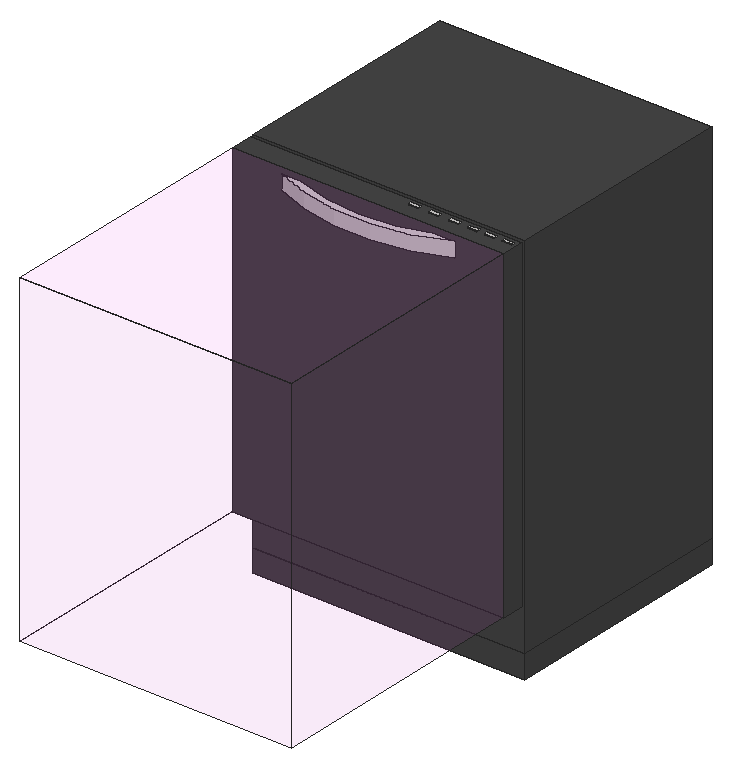
Revit family "QF_Summit_DW243BADA_Built_In Dishwasher_ADA Compliant", category Specialty Equipment, Revit 2020
Family settings
  Round Connector Dimension = Use Diameter
  Part Type = Normal
  Work Plane-Based = No
  Always vertical = Yes
  Cut with Voids When Loaded = No
  Shared = No
  Room Calculation Point = No
Parameters
  Weight in Pounds = 95
  Watts = if(Phase = 3, Volts * FL Amps * 1.73, Volts * FL Amps)  # 1380 W
  Waste Water Discharge Temperature = -459.67 °F
  Volts = 115 V
  URL Cutsheet = ""
  Specification by User = ""
  Specification by Manufacturer = ""
  Show Legs [instance] = yes
  Show Door Clearance [instance] = yes
  Show Default Legs [instance] = not(Show Legs)  # no
  Serial Number = ""
  Seismic Rating = ""
  SMACNA No = ""
  Revision Code = ""
  Plumbing Remarks = ""
  Plumbing Connection Type = ""
  Phase = 1
  Number of Poles = 1
  NAFEM Spec ID Number = ""
  Model = "DW243BADA"
  Min Ckt Ampacity = 0 A
  Max Overcurrent Protection = 0 A
  Masterspec = ""
  Manufacturer = "Summit"
  Length = 23 1/2"
  Item Number = ""
  Installed By = ""
  Indirect Waste Size = 1/2"
  Indirect Waste Flow = 0 GPM
  Indirect Waste Connection Type = ""
  Indirect Waste Connection Height = 0"
  Identify Quantity as Lot = yes
  Height [instance] = if(Show Default Legs, 32 1/4", 34")  # 34"
  HP = ""
  Furnished By = ""
  Foodservice Equipment Identifier = yes
  FL Amps = 12 A
  Electrical Remarks = ""
  Electric Connection Type = ""
  Elec Conn RI Height = 0"
  Elec Conn Connection Height = 0"
  Description = "Built-In Dishwasher ADA Compliant"
  Depth = 24 1/4"
  Default Elevation = 0"
  Cycle = 60 Hz
  Conn Plug = ""
  Conn Conduit = yes
  Cold Water Temperature Recommended = -459.67 °F
  Cold Water Size = 1/2"
  Cold Water RI Height = 0"
  Cold Water Minimum Pressure = 0.00 psi
  Cold Water Maximum Pressure = 0.00 psi
  Cold Water Flow = 0 GPM
  Cold Water Consumption = ""
  Cold Water Connection Height = 0"
  CSI MasterFormat = ""
  Apparent Power = if(Phase = 3, Volts * FL Amps * 1.73, Volts * FL Amps)  # 1380 VA
Reference planes (in)
  plane 1 "BACK": y = 0
  plane 2: z = 0
  plane 3 "LEFT": x = 0
  plane 4 "RIGHT": x = 23.5
  plane 5 "FRONT": y = -24.25
  plane 6 "TOP": z = 34
  plane 7 "Center Y": x = 11.75
  plane 8 "Center X": y = -12.125
  plane 9: y = -22.5
  plane 10: y = -20.25
  plane 11: y = -45.5
  plane 12: z = 1.75
  plane 13: z = 2
  plane 14: z = 5.75
  plane 15: z = 5.5
Forms (in)
  Revolve 1, solid, material "QF_Metal_Stainless_Polished", visible <- "Show Default Legs"
    sketch origin (0, -2, 0) x (1, 0, 0) y (0, 0, 1)
      loop
        line (1.73437, 1.75) -> (1.73437, 2) -> (1.1733, 2) -> (1.1733, 1.875) -> (1, 1.875) -> (1, 1.75) -> (1.73437, 1.75)
      axis (1.73437, 2) -> (1.73437, 1.75)
    angle from 0 to 360
  Revolve 2, solid, material "QF_Metal_Stainless_Polished", visible <- "Show Default Legs"
    sketch origin (0, -18.25, 0) x (1, 0, 0) y (0, 0, 1)
      loop
        line (1.73437, 1.75) -> (1.73437, 2) -> (1.1733, 2) -> (1.1733, 1.875) -> (1, 1.875) -> (1, 1.75) -> (1.73437, 1.75)
      axis (1.73437, 2) -> (1.73437, 1.75)
    angle from 0 to 360
  Revolve 3, solid, material "QF_Metal_Stainless_Polished", visible <- "Show Default Legs"
    sketch origin (17.5, -2, 0) x (-1, 0, 0) y (0, 0, -1)
      loop
        line (-4.26563, -1.75) -> (-5, -1.75) -> (-5, -1.875) -> (-4.8267, -1.875) -> (-4.8267, -2) -> (-4.26563, -2) -> (-4.26563, -1.75)
      axis (-4.26563, -2) -> (-4.26563, -1.75)
    angle from 0 to 360
  Revolve 4, solid, material "QF_Metal_Stainless_Polished", visible <- "Show Default Legs"
    sketch origin (17.5, -18.25, 0) x (-1, 0, 0) y (0, 0, -1)
      loop
        line (-4.26563, -1.75) -> (-5, -1.75) -> (-5, -1.875) -> (-4.8267, -1.875) -> (-4.8267, -2) -> (-4.26563, -2) -> (-4.26563, -1.75)
      axis (-4.26563, -2) -> (-4.26563, -1.75)
    angle from 0 to 360
  Revolve 5, solid, material "QF_Metal_Stainless_Polished", visible <- "Show Legs"
    sketch origin (0, -2, 0) x (1, 0, 0) y (0, 0, 1)
      loop
        line (1, 0) -> (1.73437, 0) -> (1.73437, 2) -> (1.1733, 2) -> (1.1733, 0.125) -> (1, 0.125) -> (1, 0)
      axis (1.73437, 2) -> (1.73437, 0)
    angle from 0 to 360
  Revolve 6, solid, material "QF_Metal_Stainless_Polished", visible <- "Show Legs"
    sketch origin (0, -18.25, 0) x (1, 0, 0) y (0, 0, 1)
      loop
        line (1, 0) -> (1.73437, 0) -> (1.73437, 2) -> (1.1733, 2) -> (1.1733, 0.125) -> (1, 0.125) -> (1, 0)
      axis (1.73437, 2) -> (1.73437, 0)
    angle from 0 to 360
  Extrusion 7, solid, material "QF_Metallic_Paint_Black_Glossy", visible <- "Show Legs"
    sketch origin (0, 0, 0) x (1, 0, 0) y (0, 1, 0)
      loop
        line (0, 0) -> (0, -20.25) -> (23.5, -20.25) -> (23.5, 0) -> (0, 0)
      loop
        line (0.0625, -20.1875) -> (23.4375, -20.1875) -> (23.4375, -0.0625) -> (0.0625, -0.0625) -> (0.0625, -20.1875)
    from 0 to 2
  Revolve 8, solid, material "QF_Metal_Stainless_Polished", visible <- "Show Default Legs"
    sketch origin (10.01563, -2, 0) x (1, 0, 0) y (0, 0, 1)
      loop
        line (1.73437, 1.75) -> (1.73437, 2) -> (1.1733, 2) -> (1.1733, 1.875) -> (1, 1.875) -> (1, 1.75) -> (1.73437, 1.75)
      axis (1.73437, 2) -> (1.73437, 1.75)
    angle from 0 to 360
  Revolve 9, solid, material "QF_Metal_Stainless_Polished", visible <- "Show Default Legs"
    sketch origin (10.01563, -18.25, 0) x (1, 0, 0) y (0, 0, 1)
      loop
        line (1.73437, 1.75) -> (1.73437, 2) -> (1.1733, 2) -> (1.1733, 1.875) -> (1, 1.875) -> (1, 1.75) -> (1.73437, 1.75)
      axis (1.73437, 2) -> (1.73437, 1.75)
    angle from 0 to 360
  Revolve 10, solid, material "QF_Metal_Stainless_Polished", visible <- "Show Legs"
    sketch origin (10.01563, -2, 0) x (1, 0, 0) y (0, 0, 1)
      loop
        line (1, 0) -> (1.73437, 0) -> (1.73437, 2) -> (1.1733, 2) -> (1.1733, 0.125) -> (1, 0.125) -> (1, 0)
      axis (1.73437, 2) -> (1.73437, 0)
    angle from 0 to 360
  Revolve 11, solid, material "QF_Metal_Stainless_Polished", visible <- "Show Legs"
    sketch origin (10.01563, -18.25, 0) x (1, 0, 0) y (0, 0, 1)
      loop
        line (1, 0) -> (1.73437, 0) -> (1.73437, 2) -> (1.1733, 2) -> (1.1733, 0.125) -> (1, 0.125) -> (1, 0)
      axis (1.73437, 2) -> (1.73437, 0)
    angle from 0 to 360
  Revolve 12, solid, material "QF_Metal_Stainless_Polished", visible <- "Show Legs"
    sketch origin (23.5, -2, 0) x (-1, 0, 0) y (0, 0, -1)
      loop
        line (1, 0) -> (1, -0.125) -> (1.1733, -0.125) -> (1.1733, -2) -> (1.73437, -2) -> (1.73437, 0) -> (1, 0)
      axis (1.73437, -2) -> (1.73437, 0)
    angle from 0 to 360
  Revolve 13, solid, material "QF_Metal_Stainless_Polished", visible <- "Show Legs"
    sketch origin (23.5, -18.25, 0) x (-1, 0, 0) y (0, 0, -1)
      loop
        line (1, 0) -> (1, -0.125) -> (1.1733, -0.125) -> (1.1733, -2) -> (1.73437, -2) -> (1.73437, 0) -> (1, 0)
      axis (1.73437, -2) -> (1.73437, 0)
    angle from 0 to 360
Dimensions and locks (in)
  equal spacing: plane 3 "LEFT", plane 7 "Center Y", plane 4 "RIGHT"
  "Length": plane 3 "LEFT" to plane 4 "RIGHT"
  equal spacing: plane 5 "FRONT", plane 8 "Center X", plane 1 "BACK"
  "Depth": plane 5 "FRONT" to plane 1 "BACK"
  "Height": plane 6 "TOP" to level
  plane 9 to plane 1 "BACK" = 22 1/2"
  plane 10 to plane 1 "BACK" = 20 1/4"
  plane 11 to plane 1 "BACK" = 45 1/2"
  plane 6 "TOP" to plane 12 = 32 1/4"
  plane 6 "TOP" to plane 14 = 28 1/4"
  plane 13 to plane 12 = 1/4"
  plane 15 to plane 13 = 3 1/2"
  plane 4 "RIGHT" to plane 3 "LEFT" = 23 1/2"
  locked: Revolve 5 sketch curve to Revolve 6 at 0.125
  locked: Revolve 13 sketch curve to Revolve 12 at 0.125
  locked: Revolve 12 sketch curve to Revolve 12 sketch curve at 0.125
  plane 5 "FRONT" to plane 9 = 1 3/4"
  aligned and locked: level to plane 2
  aligned and locked: plane 13 to nested 1
Automatic sketch dimensions
  Revolve 1 sketch curve to plane 12 = 0"  (x2)
  Revolve 1 sketch curve to plane 13 = 0"
  plane 12 to Revolve 1 sketch curve = 1/8"
  plane 3 "LEFT" to Revolve 1 sketch curve = 1"
  Revolve 1 sketch curve to Revolve 1 sketch curve = 0.1733"
  Revolve 1 sketch curve to Revolve 1 sketch curve = 0.56107"
  Revolve 1 sketch curve to Revolve 1 sketch curve = 0"
  Revolve 1 sketch curve to Revolve 1 sketch curve = 1/4"
  Revolve 2 sketch curve to plane 12 = 0"  (x2)
  Revolve 2 sketch curve to plane 13 = 0"
  plane 12 to Revolve 2 sketch curve = 1/8"
  plane 3 "LEFT" to Revolve 2 sketch curve = 1"
  Revolve 2 sketch curve to Revolve 2 sketch curve = 0.1733"
  Revolve 2 sketch curve to Revolve 2 sketch curve = 0.56107"
  Revolve 2 sketch curve to Revolve 2 sketch curve = 0"
  Revolve 2 sketch curve to Revolve 2 sketch curve = 1/4"
  Revolve 3 sketch curve to plane 12 = 0"  (x2)
  Revolve 3 sketch curve to plane 13 = 0"
  plane 12 to Revolve 3 sketch curve = 1/8"
  plane 4 "RIGHT" to Revolve 3 sketch curve = 1"
  Revolve 3 sketch curve to Revolve 3 sketch curve = 0.1733"
  Revolve 3 sketch curve to Revolve 3 sketch curve = 0.56107"
  Revolve 3 sketch curve to Revolve 3 sketch curve = 0"
  Revolve 3 sketch curve to Revolve 3 sketch curve = 1/4"
  Revolve 4 sketch curve to plane 12 = 0"  (x2)
  Revolve 4 sketch curve to plane 13 = 0"
  plane 12 to Revolve 4 sketch curve = 1/8"
  plane 4 "RIGHT" to Revolve 4 sketch curve = 1"
  Revolve 4 sketch curve to Revolve 4 sketch curve = 0.1733"
  Revolve 4 sketch curve to Revolve 4 sketch curve = 0.56107"
  Revolve 4 sketch curve to Revolve 4 sketch curve = 0"
  Revolve 4 sketch curve to Revolve 4 sketch curve = 1/4"
  Extrusion 7 sketch curve to plane 3 "LEFT" = 0"
  Extrusion 7 sketch curve to plane 4 "RIGHT" = 0"
  Extrusion 7 sketch curve to plane 10 = 0"
  plane 1 "BACK" to Extrusion 7 sketch curve = 0"
  plane 3 "LEFT" to Extrusion 7 sketch curve = 1/16"
  plane 4 "RIGHT" to Extrusion 7 sketch curve = 1/16"
  plane 10 to Extrusion 7 sketch curve = 1/16"
  plane 1 "BACK" to Extrusion 7 sketch curve = 1/16"
  Revolve 8 sketch curve to plane 12 = 0"  (x2)
  Revolve 8 sketch curve to plane 13 = 0"
  Revolve 8 sketch curve to plane 7 "Center Y" = 0"  (x2)
  Revolve 8 sketch curve to Revolve 8 sketch curve = 0.56107"
  Revolve 8 sketch curve to Revolve 8 sketch curve = 0.1733"
  plane 12 to Revolve 8 sketch curve = 1/8"
  Revolve 8 sketch curve to Revolve 8 sketch curve = 1/4"
  Revolve 9 sketch curve to plane 12 = 0"  (x2)
  Revolve 9 sketch curve to plane 13 = 0"
  Revolve 9 sketch curve to plane 7 "Center Y" = 0"  (x2)
  Revolve 9 sketch curve to plane 7 "Center Y" = 0.56107"
  Revolve 9 sketch curve to Revolve 9 sketch curve = 0.1733"
  plane 12 to Revolve 9 sketch curve = 1/8"
  Revolve 9 sketch curve to Revolve 9 sketch curve = 1/4"
  Revolve 6 sketch curve to level = 0"  (x2)
  plane 3 "LEFT" to Revolve 6 sketch curve = 1"
  Revolve 6 sketch curve to Revolve 6 sketch curve = 47/64"
  Revolve 6 sketch curve to Revolve 6 sketch curve = 0.1733"
  Revolve 6 sketch curve to Revolve 6 sketch curve = 0"
  Revolve 6 sketch curve to Revolve 6 sketch curve = 1"
  level to Revolve 6 sketch curve = 1/8"
  Revolve 6 sketch curve to plane 13 = 0"
  Revolve 5 sketch curve to level = 0"  (x2)
  plane 3 "LEFT" to Revolve 5 sketch curve = 1"
  Revolve 5 sketch curve to Revolve 5 sketch curve = 47/64"
  Revolve 5 sketch curve to Revolve 5 sketch curve = 0"
  Revolve 5 sketch curve to Revolve 5 sketch curve = 1"
  Revolve 5 sketch curve to plane 13 = 0"
  Revolve 5 sketch curve to Revolve 5 sketch curve = 0.1733"
  Revolve 11 sketch curve to level = 0"  (x2)
  Revolve 11 sketch curve to plane 13 = 0"
  Revolve 11 sketch curve to plane 7 "Center Y" = 0"  (x2)
  Revolve 11 sketch curve to plane 7 "Center Y" = 0.56107"
  Revolve 11 sketch curve to Revolve 11 sketch curve = 1"
  level to Revolve 11 sketch curve = 1/8"
  Revolve 11 sketch curve to Revolve 11 sketch curve = 0.1733"
  Revolve 10 sketch curve to level = 0"  (x2)
  Revolve 10 sketch curve to plane 13 = 0"
  Revolve 10 sketch curve to plane 7 "Center Y" = 0"  (x2)
  Revolve 10 sketch curve to Revolve 10 sketch curve = 0.56107"
  Revolve 10 sketch curve to Revolve 10 sketch curve = 0.1733"
  Revolve 10 sketch curve to Revolve 10 sketch curve = 1"
  level to Revolve 10 sketch curve = 1/8"
  Revolve 13 sketch curve to level = 0"  (x2)
  Revolve 13 sketch curve to plane 13 = 0"
  plane 4 "RIGHT" to Revolve 13 sketch curve = 1"
  Revolve 13 sketch curve to Revolve 13 sketch curve = 47/64"
  Revolve 13 sketch curve to Revolve 13 sketch curve = 0.1733"
  Revolve 13 sketch curve to Revolve 13 sketch curve = 0"
  Revolve 13 sketch curve to level = 1"
  Revolve 12 sketch curve to level = 0"  (x2)
  Revolve 12 sketch curve to plane 13 = 0"
  plane 4 "RIGHT" to Revolve 12 sketch curve = 1"
  Revolve 12 sketch curve to Revolve 12 sketch curve = 47/64"
  Revolve 12 sketch curve to Revolve 12 sketch curve = 0.1733"
  Revolve 12 sketch curve to Revolve 12 sketch curve = 0"
  Revolve 12 sketch curve to level = 1"
Nested families (in)
  nested 1: "DW242WADA" at (0, 0, 0), Show Door Clearance <- "Show Door Clearance", type "DW242WADA"
    with Show Door Clearance yes, Height 34"
Connectors (in)
  piping at (7.03371, 0.25, 3.67651), diameter 0.5, driven by "Cold Water Size"
    settings: on nested 1, index 1, connector inside diameter 24", connector length 0", flow factor 0, pipe flow 0 GPM, pressure drop 0.00 psi, fitting loss kfactor 0, connector angle 0.00°, fixture units 0, engagement length 0", angle of deflection 0.00°, flow configuration 1, flow direction 1, fitting loss method 0, system type 20, joint type 0, gender type 0, connector reference index -1, connector utility 0, adjustable connector no, is connector primary yes, connector description "Water Connection"
  piping at (9.03371, 0.25, 3.67651), diameter 0.5, driven by "Indirect Waste Size"
    settings: on nested 1, index 2, connector inside diameter 24", connector length 0", flow factor 0, pipe flow 0 GPM, pressure drop 0.00 psi, fitting loss kfactor 0, connector angle 0.00°, fixture units 0, engagement length 0", angle of deflection 0.00°, flow configuration 1, flow direction 1, fitting loss method 0, system type 16, joint type 0, gender type 0, connector reference index -1, connector utility 0, adjustable connector no, is connector primary no, connector description "Drain Connection"
  electrical at (11.06496, 0.25, 3.67651), driven by "Volts", driven by "Watts"
    settings: on nested 1, index 3, voltage 115 V, apparent load 1380 VA, apparent load phase1 0 VA, apparent load phase2 0 VA, apparent load phase3 0 VA, power factor 1, load classification "Other", number of poles 1, system type 30, power factor state 1, is connector primary yes, connector utility no, sub classification motor no, connector description "Electrical Connection"
Definition of nested family "DW242WADA"
  Parameters (values of type "DW242WADA")
    Weight in Pounds = 0
    Watts = if(Phase = 3, Volts * FL Amps * 1.73, Volts * FL Amps)  # 0 W
    Volts = 0 V
    URL Cutsheet = ""
    Specification by User = ""
    Specification by Manufacturer = ""
    Show Door Clearance [instance] = yes
    Serial Number = ""
    Seismic Rating = ""
    SMACNA No = ""
    Revision Code = ""
    Phase = 0
    Number of Poles = 1
    NAFEM Spec ID Number = ""
    Min Ckt Ampacity = 0 A
    Max Overcurrent Protection = 0 A
    Masterspec = ""
    Length = 23 1/2"
    Item Number = ""
    Installed By = ""
    Identify Quantity as Lot = yes
    Height [instance] = 34"
    HP = ""
    Furnished By = ""
    Foodservice Equipment Identifier = yes
    FL Amps = 0 A
    Electrical Remarks = ""
    Electric Connection Type = ""
    Elec Conn RI Height = 0"
    Elec Conn Connection Height = 0"
    Depth = 24 1/4"
    Default Elevation = 0"
    Cycle = 0 Hz
    Conn Plug = ""
    Conn Conduit = yes
    CSI MasterFormat = ""
    Apparent Power = if(Phase = 3, Volts * FL Amps * 1.73, Volts * FL Amps)  # 0 VA
  Reference planes (in)
    plane 1 "BACK": y = 0
    plane 2: z = 0
    plane 3 "LEFT": x = 0
    plane 4 "RIGHT": x = 23.5
    plane 5 "FRONT": y = -24.25
    plane 6 "TOP": z = 34
    plane 7 "Center Y": x = 11.75
    plane 8 "Center X": y = -12.125
    plane 9: y = -22.5
    plane 10: y = -20.25
    plane 11: y = -45.5
    plane 12: z = 1.75
    plane 13: z = 2
    plane 14: z = 5.75
    plane 15: z = 5.5
  Forms (in)
    Extrusion 1, solid
      sketch origin (-8.01619, -180, 2.125) x (-1, 0, 0) y (0, -1, 0)
        loop
          line (-8.01619, -180) -> (-8.01619, -159.75) -> (-31.51619, -159.75) -> (-31.51619, -180) -> (-8.01619, -180)
      from -0.125 to 31.875
    Extrusion 2, solid
      sketch origin (-9.94716, -22.5, 48) x (-1, 0, 0) y (0, 0, 1)
        loop
          line (-9.94716, -14) -> (-33.44716, -14) -> (-33.44716, -42.25) -> (-9.94716, -42.25) -> (-9.94716, -14)
      from 0 to 2
    Extrusion 3, solid
      sketch origin (-9.94716, -20.5, 48) x (-1, 0, 0) y (0, 0, 1)
        loop
          line (-10.44716, -14.5) -> (-32.94716, -14.5) -> (-32.94716, -41.75) -> (-10.44716, -41.75) -> (-10.44716, -14.5)
      from 0 to 0.25
    Extrusion 4, solid
      sketch origin (3.0625, 0, 0.0625) x (1, 0, 0) y (0, 0, 1)
        loop
          circle (3.97121, 3.61401) r 0.5
      from 0 to -0.25
    Extrusion 5, solid
      sketch origin (5.0625, 0, 0.0625) x (1, 0, 0) y (0, 0, 1)
        loop
          circle (3.97121, 3.61401) r 0.5
      from 0 to -0.25
    Extrusion 6, solid
      sketch origin (7.0625, 0, 0.0625) x (1, 0, 0) y (0, 0, 1)
        loop
          circle (4.00246, 3.61401) r 0.34934
      from 0 to -0.25
    Extrusion 7, solid
      sketch origin (-35.39759, -180, 34) x (-1, 0, 0) y (0, -1, 0)
        loop
          arc (-39.64759, -157.5) -> (-47.14759, -155.75) -> (-54.64759, -157.5) r 16.94643
          line (-54.64759, -157.5) -> (-53.05926, -157.5)
          arc (-53.05926, -157.5) -> (-47.14759, -156.39063) -> (-41.23593, -157.5) r 16.3058
          line (-41.23593, -157.5) -> (-39.64759, -157.5)
      from -0.5 to -1.75
    Extrusion 8, solid
      sketch origin (0, -22.5, 34) x (1, 0, 0) y (0, 1, 0)
        loop
          line (15.96145, 1.58403) -> (15.96145, 1.29627) -> (16.78645, 1.29627) -> (16.78645, 1.58403) -> (15.96145, 1.58403)
        loop
          line (17.72707, 1.58403) -> (17.72707, 1.29627) -> (18.55207, 1.29627) -> (18.55207, 1.58403) -> (17.72707, 1.58403)
        loop
          line (19.3052, 1.58403) -> (19.3052, 1.29627) -> (20.1302, 1.29627) -> (20.1302, 1.58403) -> (19.3052, 1.58403)
        loop
          line (20.78957, 1.58403) -> (20.78957, 1.29627) -> (21.61457, 1.29627) -> (21.61457, 1.58403) -> (20.78957, 1.58403)
        loop
          line (22.28957, 1.58403) -> (22.28957, 1.29627) -> (23.11457, 1.29627) -> (23.11457, 1.58403) -> (22.28957, 1.58403)
        loop
          line (14.19582, 1.58403) -> (14.19582, 1.29627) -> (15.02082, 1.29627) -> (15.02082, 1.58403) -> (14.19582, 1.58403)
      from 0 to 0.05469
    Extrusion 9, solid, visible <- "Show Door Clearance"
      sketch origin (-8.01619, -180, 5.875) x (-1, 0, 0) y (0, -1, 0)
        loop
          line (-8.01619, -157.5) -> (-8.01619, -134.5) -> (-31.51619, -134.5) -> (-31.51619, -157.5) -> (-8.01619, -157.5)
      from -0.125 to 28.125
  Lines and regions (in)
    symbolic lines
      curve 1: line (0, 0, 0) -> (0, -20.25, 0)
      curve 2: line (23.5, 0, 0) -> (0, 0, 0)
      curve 3: line (23.5, -20.25, 0) -> (23.5, 0, 0)
      curve 4: line (0, -20.25, 0) -> (23.5, -20.25, 0)
      curve 5: line (23.5, -20.5, 0) -> (0, -20.5, 0)
      curve 6: line (0, -20.5, 0) -> (0, -22.5, 0)
      curve 7: line (0, -22.5, 0) -> (23.5, -22.5, 0)
      curve 8: line (23.5, -22.5, 0) -> (23.5, -20.5, 0)
      curve 9: line (23, -20.5, 0) -> (23, -20.25, 0)
      curve 10: line (0.5, -20.25, 0) -> (0.5, -20.5, 0)
      curve 11: arc (17.66167, -22.5, 0) -> (11.75, -23.60938, 0) -> (5.83833, -22.5, 0) r 16.3058
      curve 12: arc (4.25, -22.5, 0) -> (11.75, -24.25, 0) -> (19.25, -22.5, 0) r 16.94643
      curve 13: line (15.96145, -21.20373, 0) -> (16.78645, -21.20373, 0)
      curve 14: line (16.78645, -21.20373, 0) -> (16.78645, -20.91597, 0)
      curve 15: line (16.78645, -20.91597, 0) -> (15.96145, -20.91597, 0)
      curve 16: line (15.96145, -20.91597, 0) -> (15.96145, -21.20373, 0)
      curve 17: line (17.72707, -21.20373, 0) -> (18.55207, -21.20373, 0)
      curve 18: line (18.55207, -21.20373, 0) -> (18.55207, -20.91597, 0)
      curve 19: line (18.55207, -20.91597, 0) -> (17.72707, -20.91597, 0)
      curve 20: line (17.72707, -20.91597, 0) -> (17.72707, -21.20373, 0)
      curve 21: line (19.3052, -21.20373, 0) -> (20.1302, -21.20373, 0)
      curve 22: line (20.1302, -21.20373, 0) -> (20.1302, -20.91597, 0)
      curve 23: line (20.1302, -20.91597, 0) -> (19.3052, -20.91597, 0)
      curve 24: line (19.3052, -20.91597, 0) -> (19.3052, -21.20373, 0)
      curve 25: line (20.78957, -21.20373, 0) -> (21.61457, -21.20373, 0)
      curve 26: line (21.61457, -21.20373, 0) -> (21.61457, -20.91597, 0)
      curve 27: line (21.61457, -20.91597, 0) -> (20.78957, -20.91597, 0)
      curve 28: line (20.78957, -20.91597, 0) -> (20.78957, -21.20373, 0)
      curve 29: line (22.28957, -21.20373, 0) -> (23.11457, -21.20373, 0)
      curve 30: line (23.11457, -21.20373, 0) -> (23.11457, -20.91597, 0)
      curve 31: line (23.11457, -20.91597, 0) -> (22.28957, -20.91597, 0)
      curve 32: line (22.28957, -20.91597, 0) -> (22.28957, -21.20373, 0)
      curve 36: line (14.19582, -20.91597, 0) -> (15.02082, -20.91597, 0)
      curve 37: line (14.19582, -21.20373, 0) -> (14.19582, -20.91597, 0)
      curve 38: line (15.02082, -21.20373, 0) -> (14.19582, -21.20373, 0)
      curve 39: line (15.02082, -20.91597, 0) -> (15.02082, -21.20373, 0)
    symbolic lines, visible <- "Show Door Clearance"
      curve 33: line (0, -22.5, 0) -> (0, -45.5, 0)
      curve 34: line (23.5, -45.5, 0) -> (23.5, -22.5, 0)
      curve 35: line (0, -45.5, 0) -> (23.5, -45.5, 0)
  Dimensions and locks (in)
    equal spacing: plane 3 "LEFT", plane 7 "Center Y", plane 4 "RIGHT"
    "Length": plane 3 "LEFT" to plane 4 "RIGHT"
    equal spacing: plane 5 "FRONT", plane 8 "Center X", plane 1 "BACK"
    "Depth": plane 5 "FRONT" to plane 1 "BACK"
    "Height": plane 6 "TOP" to level
    plane 9 to plane 1 "BACK" = 22 1/2"
    plane 10 to plane 1 "BACK" = 20 1/4"
    plane 11 to plane 1 "BACK" = 45 1/2"
    plane 6 "TOP" to plane 12 = 32 1/4"
    plane 6 "TOP" to plane 14 = 28 1/4"
    plane 13 to plane 12 = 1/4"
    plane 15 to plane 13 = 3 1/2"
    plane 4 "RIGHT" to plane 3 "LEFT" = 23 1/2"
    plane 9 to plane 5 "FRONT" = 1 3/4"
    aligned and locked: level to plane 2
  Automatic sketch dimensions
    plane 1 "BACK" to Extrusion 1 sketch curve = 0"
    Extrusion 1 sketch curve to plane 10 = 0"
    Extrusion 1 sketch curve to plane 3 "LEFT" = 0"
    plane 7 "Center Y" to Extrusion 1 sketch curve = 11 3/4"
    Extrusion 2 sketch curve to plane 6 "TOP" = 0"
    Extrusion 2 sketch curve to plane 14 = 0"
    Extrusion 2 sketch curve to plane 3 "LEFT" = 0"
    plane 7 "Center Y" to Extrusion 2 sketch curve = 11 3/4"
    Extrusion 3 sketch curve to Extrusion 2 = 1/2"  (x4)
    plane 13 to Extrusion 4 sketch curve = 1.67651"
    plane 3 "LEFT" to Extrusion 4 sketch curve = 7.03371"
    plane 13 to Extrusion 5 sketch curve = 1.67651"
    Extrusion 5 sketch curve to plane 7 "Center Y" = 2.71629"
    plane 13 to Extrusion 6 sketch curve = 1.67651"
    Extrusion 6 sketch curve to plane 7 "Center Y" = 0.68504"
    Extrusion 7 sketch curve to Extrusion 7 sketch curve = 0"  (x2)
    Extrusion 7 sketch curve to plane 9 = 0"  (x2)
    plane 7 "Center Y" to Extrusion 7 sketch curve = 7 1/2"
    Extrusion 7 sketch curve to Extrusion 7 sketch curve = 1.58833"
    Extrusion 7 sketch curve to plane 7 "Center Y" = 0"
    plane 8 "Center X" to Extrusion 7 sketch curve = 4.82143"
    Extrusion 9 sketch curve to plane 9 = 0"
    Extrusion 9 sketch curve to plane 11 = 0"
    Extrusion 9 sketch curve to plane 3 "LEFT" = 0"
    plane 7 "Center Y" to Extrusion 9 sketch curve = 11 3/4"
    Extrusion 2 to Extrusion 8 sketch curve = 0.41597"  (x4)
    Extrusion 8 sketch curve to Extrusion 2 = 9.30418"
    Extrusion 8 sketch curve to Extrusion 8 sketch curve = 0.825"  (x5)
    Extrusion 8 sketch curve to Extrusion 8 sketch curve = 0.94063"  (x2)
    Extrusion 8 sketch curve to Extrusion 8 sketch curve = 0.75313"
    Extrusion 8 sketch curve to Extrusion 8 sketch curve = 0.65938"
    Extrusion 8 sketch curve to Extrusion 8 sketch curve = 0.675"
    Extrusion 8 sketch curve to Extrusion 2 = 0.38543"
    Extrusion 8 sketch curve to Extrusion 8 sketch curve = 0.28776"  (x6)
    Extrusion 8 sketch curve to Extrusion 8 sketch curve = 0"
    Extrusion 2 to Extrusion 8 sketch curve = 0.70373"
    curve 11 to curve 12 = 0"  (x2)
    plane 1 "BACK" to curve 1 = 0"
    curve 1 to plane 3 "LEFT" = 0"
    curve 33 to plane 3 "LEFT" = 0"
    curve 10 to plane 10 = 0"
    curve 12 to plane 9 = 0"
    curve 12 to plane 7 "Center Y" = 0"
    curve 34 to plane 4 "RIGHT" = 0"
    curve 4 to plane 4 "RIGHT" = 0"
    curve 33 to plane 11 = 0"
    curve 38 to plane 10 = 0.95373"
    plane 7 "Center Y" to curve 38 = 2.44582"
    curve 36 to curve 39 = 0.825"
    curve 38 to curve 13 = 0.94063"
    curve 15 to curve 15 = 0.825"
    curve 13 to curve 17 = 0.94063"
    curve 17 to curve 18 = 0.825"
    curve 18 to curve 24 = 0.75313"
    curve 23 to curve 22 = 0.825"
    curve 22 to curve 28 = 0.65938"
    curve 25 to curve 25 = 0.825"
    curve 26 to curve 32 = 0.675"
    plane 4 "RIGHT" to curve 30 = 0.38543"
    curve 26 to plane 10 = 0.95373"
    curve 25 to curve 29 = 0"
    curve 24 to plane 10 = 0.95373"
    curve 38 to curve 13 = 0"
    curve 13 to curve 17 = 0"
    curve 17 to curve 19 = 0.28776"
    curve 13 to curve 16 = 0.28776"
    curve 21 to curve 22 = 0.28776"
    curve 29 to curve 31 = 0.28776"
    curve 37 to curve 36 = 0.28776"
    curve 25 to curve 26 = 0.28776"
    curve 5 to plane 10 = 1/4"
    plane 8 "Center X" to curve 12 = 4.82143"
    plane 3 "LEFT" to curve 10 = 1/2"
    curve 10 to curve 12 = 3 3/4"
    curve 12 to curve 11 = 1.58833"
    curve 9 to curve 30 = 0.11457"
    radius of Extrusion 4 sketch curve = 1/2"
    radius of Extrusion 5 sketch curve = 1/2"
    radius of Extrusion 6 sketch curve = 0.34934"
